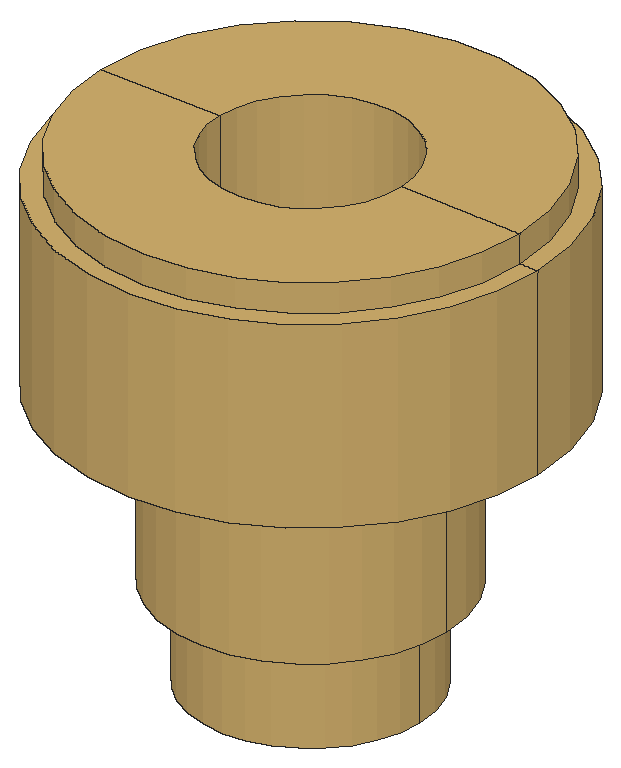
Revit family "Обратный клапан 2621 00 (01)", category Rohrzubehör, Revit 2021
Family settings
  Bemaßung runder Anschluss = Durchmesser verwenden
  Teiletyp = Unterbricht
  OmniClass-Nummer = 23.65.55.14
  OmniClass-Titel = Valves for Liquid Services
  Arbeitsebenenbasiert = Nein
  Immer vertikal = Ja
  Beim Laden mit Abzugskörper schneiden = Nein
  Gemeinsam genutzt = Nein
Parameters
  Номер заказа [instance] = if(Nennweite AG = 10.000 mm, 1262100, if(Nennweite AG = 15.000 mm, 1262101, 0))  # 1262101
  Корпус = "Латунь"  # constant formula
  Vorgabe-Ansicht = 0.000 mm
  SCTWSEQ = "FW;SBT_TYP_FW=\"108\";2"
  SCTWCODE = "04;14;02"  # constant formula
  SCRNSEQ = "AWI;AWI_TYP=\"1007\";2"
  SCRNCODE = "05;17;02"  # constant formula
  Nennweite IG = 10.000 mm  # constant formula
  Макс. рабочая температура = 110 °C  # constant formula
  URL = "www.herz-armaturen.ru"
  Nennweite AG [instance] = 15.000 mm
  Макс. рабочее давление = 1000000.0 Pa  # constant formula
  Hersteller = "Herz-Armaturen GmbH"  # constant formula
  H04 [instance] = if(Nennweite AG = 10.000 mm, 4.500 mm, if(Nennweite AG = 15.000 mm, 5.000 mm, 0.000 mm))  # 5.000 mm
  H03 = 9.500 mm  # constant formula
  H02 [instance] = if(Nennweite AG = 10.000 mm, 14.000 mm, if(Nennweite AG = 15.000 mm, 10.000 mm, 0.000 mm))  # 10.000 mm
  H01 = 9.500 mm  # constant formula
  H00 [instance] = if(Nennweite AG = 10.000 mm, 29.500 mm, if(Nennweite AG = 15.000 mm, 26.000 mm, 0.000 mm))  # 26.000 mm
  G2 = Nennweite IG / 2  # 5.000 mm
  G1 [instance] = Nennweite AG / 2  # 7.500 mm
  D03 [instance] = if(Nennweite AG = 10.000 mm, 4.000 mm, if(Nennweite AG = 15.000 mm, 6.000 mm, 0.000 mm))  # 6.000 mm
  D02 [instance] = if(Nennweite AG = 10.000 mm, 11.000 mm, if(Nennweite AG = 15.000 mm, 12.500 mm, 0.000 mm))  # 12.500 mm
  D01 [instance] = if(Nennweite AG = 10.000 mm, 10.000 mm, if(Nennweite AG = 15.000 mm, 11.500 mm, 0.000 mm))  # 11.500 mm
Reference planes
  plane 1 "Mitte (Vorne/hinten)": y = 0
  plane 2: z = 0
  plane 3 "Mitte (Links/rechts)": x = 0
Forms (mm)
  Revolve 1, solid, material "Messing", detail levels fine
    sketch origin (0, 0, 0) x (1, 0, 0) y (0, 0, 1)
      loop
        line (-11.5, 21) -> (-11.5, 19.5) -> (-12.5, 19.5) -> (-12.5, 9.5) -> (-7.5, 9.5) -> (-7.5, 0) -> (-6, 0) -> (-6, -5) -> (0, -5) -> (0, 11.5) -> (-5, 11.5) -> (-5, 21) -> (-11.5, 21)
      axis (0, 21) -> (0, -5)
    angle from 0 to 360
Lines and regions (mm)
  model lines, detail levels coarse+medium
    curve 1: line (-12.5, 0, 21) -> (12.5, 0, 21)
    curve 2: line (12.5, 0, 21) -> (-12.5, 0, -5)
    curve 3: line (-12.5, 0, -5) -> (12.5, 0, -5)
    curve 4: circle (-12.5, 0, -4.998) r 5 normal (0, -1, 0)
    curve 5: line (0, -12.5, 21) -> (0, 12.5, 21)
    curve 6: line (0, 12.5, 21) -> (0, -12.5, -5)
    curve 7: line (0, -12.5, -5) -> (0, 12.5, -5)
    curve 8: circle (0, -12.5, -5) r 5 normal (1, 0, 0)
Dimensions and locks
  "H02": Revolve 1 sketch curve to Revolve 1 sketch curve
  "D01": Revolve 1 sketch curve to Revolve 1 sketch curve
  "G1": Revolve 1 sketch curve to Revolve 1 sketch curve
  "H01": Revolve 1 sketch curve to Revolve 1 sketch curve
  "D02": Revolve 1 sketch curve to Revolve 1 sketch curve
  "G2": Revolve 1 sketch curve to Revolve 1 sketch curve
  "H03": Revolve 1 sketch curve to Revolve 1 sketch curve
  "H04": Revolve 1 sketch curve to Revolve 1 sketch curve
  "H00": Revolve 1 sketch curve to Revolve 1 sketch curve
  "D03": Revolve 1 sketch curve to Revolve 1 sketch curve
  "H00": curve 1 to curve 3
  "H04": plane 2 to curve 3
  "D02": curve 2 to plane 3 "Mitte (Links/rechts)" to curve 1
  "D02": curve 3 to plane 3 "Mitte (Links/rechts)" to curve 3
  "H00": curve 7 to curve 5
  "H04": plane 2 to curve 7
  "D02": curve 5 to plane 1 "Mitte (Vorne/hinten)" to curve 6
  "D02": curve 7 to plane 1 "Mitte (Vorne/hinten)" to curve 7
  aligned and locked: level to plane 2
Automatic sketch dimensions
  curve 8 to curve 6 = 0.000 mm  (x2)
  curve 4 to curve 2 = 0.000 mm
  curve 2 to curve 4 = 0.002 mm
  Revolve 1 sketch curve to level = 0.000 mm
  Revolve 1 sketch curve to plane 3 "Mitte (Links/rechts)" = 0.000 mm  (x2)
  Revolve 1 sketch curve to Revolve 1 sketch curve = 1992.000 mm
  Revolve 1 sketch curve to Revolve 1 sketch curve = 1979.000 mm
  radius of curve 8 = 5.000 mm
  radius of curve 4 = 5.000 mm
Connectors
  piping at (0, 0, -5), diameter 15, driven by "Nennweite AG"
    settings: on Revolve 1, index 1, connector inside diameter 609.6 mm, connector length 0.000 mm, flow factor 0, pipe flow 0.0 L/s, pressure drop 0.0 Pa, fitting loss kfactor 0, connector angle 0.00°, fixture units 0, engagement length 0.000 mm, angle of deflection 0.00°, flow configuration 0, flow direction 1, fitting loss method 0, system type 29, joint type 0, gender type 0, connector reference index -1, connector utility 0, adjustable connector no, is connector primary yes, connector description ""
  piping at (0, 0, 11.5), diameter 10, driven by "Nennweite IG"
    settings: on Revolve 1, index 2, connector inside diameter 609.6 mm, connector length 0.000 mm, flow factor 0, pipe flow 0.0 L/s, pressure drop 0.0 Pa, fitting loss kfactor 0, connector angle 0.00°, fixture units 0, engagement length 0.000 mm, angle of deflection 0.00°, flow configuration 0, flow direction 2, fitting loss method 0, system type 29, joint type 0, gender type 0, connector reference index -1, connector utility 0, adjustable connector no, is connector primary no, connector description ""
